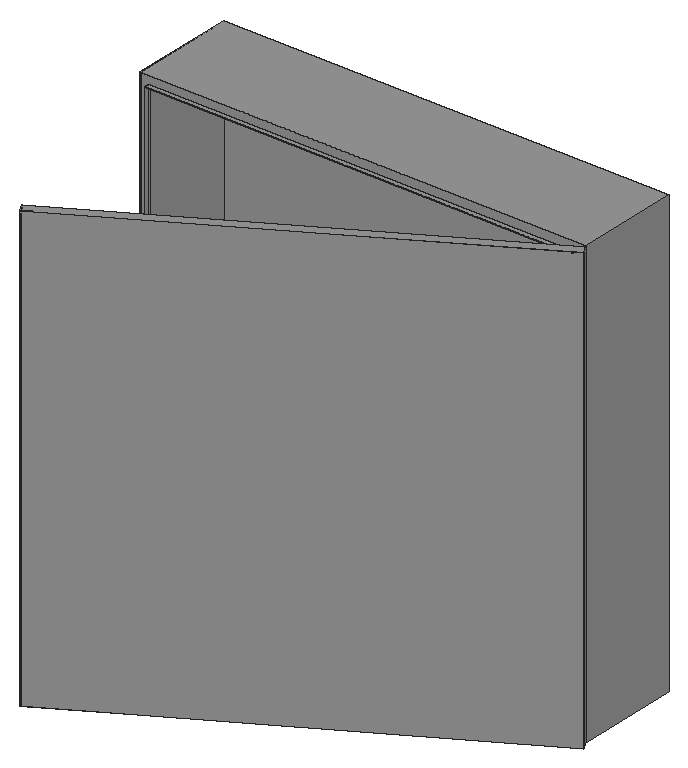
Revit family "Hager-Univers-IP44-D205-H800-Cl.I-encl-NoHosted-DE-de", category Equipement électrique, Revit 2020
Family settings
  Configuration du panneau = Deux colonnes, circuits au sein
  Cote de connecteur circulaire = Utiliser le diamètre
  Type d'élément = Tableau de raccordement
  Basée sur le plan de construction = Oui
  Toujours verticalement = Oui
  Couper avec des vides une fois chargée = Non
  Partagée = Non
  Point de calcul de pièce = Non
Parameters (values of type "Aufputz IP44 B800 H800 T205  - FP53TN2")
  Width Control [instance] = if([EF000008 - Breite] > Min Width, [EF000008 - Breite], Min Width)  # 800 mm
  Commentaires du type = [HG000003 - Bereich]  # "Univers"
  Thickness Door [instance] = if([EF009171 - Materialstärke Tür/Deckel] > 3 mm, 3 mm, [EF009171 - Materialstärke Tür/Deckel])  # 1 mm
  Seal Frame Offset [instance] = 17 mm  # constant formula
  Plinth Visibility [instance] = [HG000027 - Sockelhöhe] > 0 mm  # no
  Min Width [instance] = 100 mm  # constant formula
  Min Depth [instance] = (2 * [EF009170 - Materialstärke Gehäuse]) + 1 mm  # 3 mm
  Min Height [instance] = 100 mm  # constant formula
  Internal Frame Depth [instance] = (Door System Depth * 0.5)  # 9 mm
  Panel Name [instance] = ""  # (empty or 0)
  Model = ""
  HG000027 - Sockelhöhe = 0 mm
  HG000026 - Stehend auf dem Boden = no
  HG000024 - Höhe des unteren Teils = 600 mm
  HG000023 - Gehäuse mit doppeltem Querschnitt = no
  HG000016 - 3D-Türsichtbarkeit [instance] = yes
  HG000015 - Sichtbarkeit der Türöffnung [instance] = no
  HG000014 - Tür rechts [instance] = yes
  HG000013 - Tür links [instance] = not([HG000014 - Tür rechts])  # no
  HG000012 - Türschwenkwinkel [instance] = 30.00°
  HG000010 - Asymmetrische Türen = no
  HG000009 - Doppelflügeligen Tür = no
  HG000006 - Unterputz = no
  HG000004 - Herstellerreferenz = "FP53TN2"
  HG000003 - Bereich = "Univers"
  HG000002 - Mit tür = yes
  Frame Offset Bottom [instance] = 10 mm  # constant formula
  Frame Offset [instance] = 15 mm  # constant formula
  EF015940 - Deckel mit Überdruckentlastung = no
  EF011959 - Schutzart (NEMA) = ""
  EF009554 - Anzahl der Öffnungen für Flanschplatten = 6
  EF009212 - Ausführung Deckel = "EV000116 - geschlossen"
  EF009171 - Materialstärke Tür/Deckel = 1 mm
  EF009170 - Materialstärke Gehäuse = 1 mm
  EF008873 - Nennstrom (In) = 250 A
  EF007800 - Geeignet für Blitzschutz = no
  EF006306 - Mit Schloss = no
  EF006244 - Transparenter Deckel/Tür = no
  EF005474 - Schutzart (IP) = "EV006418 - IP44"
  EF004464 - Art der Tür = "EV002646 - Einzel"
  EF004427 - Anzahl der Module = 180
  EF004293 - Schlagfestigkeit = "EV006815 - IK09"
  EF003532 - Geeignet für Außengebrauch = no
  EF002950 - Breite in Teilungseinheiten = 36
  EF001613 - Funktionserhalt = "EV000494 - ohne"
  EF001596 - Werkstoff des Gehäuses = "EV000179 - Stahl"
  EF001131 - Innentiefe = 205 mm
  EF001088 - Anbaumöglichkeit = yes
  EF000437 - Anzahl der Leitungseinführungen = 6
  EF000339 - Art der Abdeckung = "EV001012 - Deckel"
  EF000266 - Anzahl der Reihen = 5
  EF000218 - Einbautiefe = 205 mm
  EF000118 - Mit Montageplatte = no
  EF000116 - RAL-Nummer = "9010"
  EF000049 - Tiefe = 205 mm
  EF000040 - Höhe = 800 mm
  EF000008 - Breite = 800 mm
  EF000007 - Farbe = "EV000202 - weiß"
  EF000003 - Montageart = "EV000384 - Aufputz"
  Door System Leaf Tolerance [instance] = 1.5 mm  # constant formula
  Door System Depth [instance] = 18 mm  # constant formula
  Door Height [instance] = Height Control - [HG000027 - Sockelhöhe]  # 800 mm
  Description = ""
  Default Elevation = 1219.2 mm
  Connector Offset [instance] = Height Control / 2  # 400 mm
  Fabricant = "Hager"  # constant formula
  Height Control [instance] = if([EF000040 - Höhe] > Min Height, [EF000040 - Höhe], Min Height)  # 800 mm
  Depth Control [instance] = if([EF000049 - Tiefe] > Min Depth, [EF000049 - Tiefe], Min Depth)  # 205 mm
  Bottom Top Plate Trim [instance] = 1.5 mm  # constant formula
  Plinth height Ctrl [instance] = if([HG000027 - Sockelhöhe] > 0 mm, [HG000027 - Sockelhöhe], 12 mm)  # 12 mm
Types (10, lengths in mm): name | Width Control | HG000010 - Asymmetrische Türen | HG000009 - Doppelflügeligen Tür | HG000004 - Herstellerreferenz | EF009554 - Anzahl der Öffnungen für Flanschplatten | EF004464 - Art der Tür | EF004427 - Anzahl der Module | EF002950 - Breite in Teilungseinheiten | EF000437 - Anzahl der Leitungseinführungen | EF000008 - Breite
  Aufputz IP44 B1050 H800 T205  - FP54TN2 | 1050 | no | yes | "FP54TN2" | 8 | "EV003602 - Doppel" | 240 | 48 | 8 | 1050
  Aufputz IP44 B1300 H800 T205  - FP55TN | 1300 | no | no | "FP55TN" | 10 | "EV003602 - Doppel" | 300 | 60 | 10 | 1300
  Aufputz IP44 B1300 H800 T205  - FP55TN2 | 1300 | yes | yes | "FP55TN2" | 10 | "EV003602 - Doppel" | 300 | 60 | 10 | 1300
  Aufputz IP44 B300 H800 T205  - FP51TN | 300 | no | no | "FP51TN" | 2 | "EV002646 - Einzel" | 60 | 12 | 2 | 300
  Aufputz IP44 B300 H800 T205  - FP51TN2 | 300 | no | no | "FP51TN2" | 2 | "EV002646 - Einzel" | 60 | 12 | 2 | 300
  Aufputz IP44 B300 H800 T205  - FP51TW | 300 | no | no | "FP51TW" | 2 | "EV002646 - Einzel" | 60 | 12 | 2 | 300
  Aufputz IP44 B550 H800 T205  - FP52TN | 550 | no | no | "FP52TN" | 4 | "EV002646 - Einzel" | 120 | 24 | 4 | 550
  Aufputz IP44 B550 H800 T205  - FP52TN2 | 550 | no | no | "FP52TN2" | 4 | "EV002646 - Einzel" | 120 | 24 | 4 | 550
  Aufputz IP44 B800 H800 T205  - FP53TN | 800 | no | no | "FP53TN" | 6 | "EV002646 - Einzel" | 180 | 36 | 6 | 800
  Aufputz IP44 B800 H800 T205  - FP53TN2 | 800 | no | no | "FP53TN2" | 6 | "EV002646 - Einzel" | 180 | 36 | 6 | 800
Reference planes
  plane 1 "Center (Front/Back)": y = 0
  plane 2: z = 0
  plane 3 "Center (Left/Right)": x = 0
  plane 4: y = 0
  plane 5: y = 0
  plane 6: z = 0
  plane 7: x = -400
  plane 8: x = 400
  plane 9: x = 399
  plane 10: x = -399
  plane 11: z = 0
  plane 12: z = 1
  plane 13: y = -205
  plane 14: y = -1
  plane 15: x = 0
  plane 16: y = -187
  plane 17: y = -204
  plane 18: y = -186
  plane 19: x = -384
  plane 20: x = 384
  plane 21: z = 11
  plane 22: x = -383
  plane 23: x = 383
  plane 24: z = 0
  plane 25: z = 800
  plane 26: z = 800
  plane 27: z = 784
  plane 28: z = 799
Forms (mm)
  Extrusion 1, solid, material "Hager_Steel_RAL7035_Light_Grey", detail levels medium+fine
    sketch origin (-208.679, -4572, 0) x (-1, 0, 0) y (0, -1, 0)
      loop
        line (191.321, -4385) -> (-608.679, -4385) -> (-608.679, -4572) -> (191.321, -4572) -> (191.321, -4385)
    from 0 to 800
  Extrusion 2, void
    sketch origin (-350.771, -205, 1219.2) x (1, 0, 0) y (0, 0, 1)
      loop
        line (-48.229, -420.2) -> (-48.229, -1218.2) -> (749.771, -1218.2) -> (749.771, -420.2) -> (-48.229, -420.2)
    from -19 to -204
  Extrusion 3, void
    sketch origin (-290.084, -187, 1219.2) x (1, 0, 0) y (0, 0, 1)
      loop
        line (-93.916, -1208.2) -> (674.084, -1208.2) -> (674.084, -435.2) -> (-93.916, -435.2) -> (-93.916, -1208.2)
    from 0 to -1
  Extrusion 4, solid, material "Hager_Steel_RAL7035_Light_Grey", visible <- "Plinth Visibility", detail levels medium+fine
    sketch origin (0, 0, 0) x (1, 0, 0) y (0, 1, 0)
      loop
        line (-400, 0) -> (-400, -187) -> (400, -187) -> (400, 0) -> (-400, 0)
    from 0 to 12 <- "Plinth height Ctrl"
  Extrusion 5, solid, material "Hager_Steel_RAL7035_Light_Grey", detail levels coarse
    sketch origin (0, 0, 0) x (1, 0, 0) y (0, 1, 0)
      loop
        line (-400, 0) -> (-400, -205) -> (400, -205) -> (400, 0) -> (-400, 0)
    from 0 to 800 <- "Height Control"
  Sweep 6, void
    path in 3D
      loop
        line (-400, -187, 12) -> (400, -187, 12) -> (400, 0, 12) -> (-400, 0, 12) -> (-400, -187, 12)
    profile origin (-400, -93.5, 12) x (1, 0, 0) y (0, 0, 1)
      loop
        line (0, 0) -> (0, -1.5) -> (1.5, -1.5)
        arc (1.5, -1.5) -> (1.061, -0.439) -> (0, 0) r 1.5
  Extrusion 7, solid, material "Hager_Steel_RAL7035_Light_Grey", detail levels fine
    sketch origin (-400, -187, 0) x (1, 0, 0) y (0, 0, 1)
      loop
        line (16, 11) -> (784, 11) -> (784, 784) -> (16, 784) -> (16, 11)
      loop
        line (15, 10) -> (785, 10) -> (785, 785) -> (15, 785) -> (15, 10)
    from 0 to 9 <- "Internal Frame Depth"
Cuts and joins
  Extrusion 2, Extrusion 3 cuts Extrusion 1
  Sweep 6 cuts Extrusion 4
Lines and regions (mm)
  Masking region 1
    outline origin (0, 0, 0) x (1, 0, 0) y (0, 1, 0)
      loop
        line (-400, 0) -> (-400, -205) -> (400, -205) -> (400, 0) -> (-400, 0)
  Masking region 2, detail levels coarse
    outline origin (-290.084, -187, 1219.2) x (-1, 0, 0) y (0, 0, 1)
      loop
        line (-690.084, -1219.2) -> (109.916, -1219.2) -> (109.916, -419.2) -> (-690.084, -419.2) -> (-690.084, -1219.2)
  Masking region 3, detail levels coarse
    outline origin (0, 0, 0) x (0, 1, 0) y (0, 0, 1)
      loop
        line (0, 0) -> (0, 800) -> (-205, 800) -> (-205, 0) -> (0, 0)
  Masking region 4, visible <- "Plinth Visibility", detail levels medium+fine
    outline origin (0, 0, 0) x (0, 1, 0) y (0, 0, 1)
      loop
        line (-1.5, 12) -> (-185.5, 12)
        arc (-185.5, 12) -> (-185.939, 10.939) -> (-187, 10.5) r 1.5
        line (-187, 10.5) -> (-187, 0) -> (0, 0) -> (0, 10.5)
        arc (0, 10.5) -> (-1.061, 10.939) -> (-1.5, 12) r 1.5
  Masking region 5, detail levels medium+fine
    outline origin (0, 0, 594.038) x (0, 1, 0) y (0, 0, 1)
      loop
        line (0, -594.038) -> (0, 205.962) -> (-187, 205.962) -> (-187, -594.038) -> (0, -594.038)
  Masking region 6, detail levels medium+fine
    outline origin (-359.7, -187, 1211.883) x (-1, 0, 0) y (0, 0, 1)
      loop
        line (-759.7, -1211.883) -> (40.3, -1211.883) -> (40.3, -411.883) -> (-759.7, -411.883) -> (-759.7, -1211.883)
  Masking region 7, visible <- "Plinth Visibility", detail levels medium+fine
    outline origin (-320.334, -187, 1041.368) x (-1, 0, 0) y (0, 0, 1)
      loop
        line (-720.334, -1041.368) -> (79.666, -1041.368) -> (79.666, -1030.868)
        arc (79.666, -1030.868) -> (78.606, -1030.429) -> (78.166, -1029.368) r 1.5
        line (78.166, -1029.368) -> (-718.834, -1029.368)
        arc (-718.834, -1029.368) -> (-719.273, -1030.429) -> (-720.334, -1030.868) r 1.5
        line (-720.334, -1030.868) -> (-720.334, -1041.368)
  sketch lines
    curve 1: line (-400, 0, 12) -> (-400, -187, 12)
    curve 2: line (-400, -187, 12) -> (400, -187, 12)
    curve 3: line (400, 0, 12) -> (-400, 0, 12)
    curve 4: line (400, -187, 12) -> (400, 0, 12)
Dimensions and locks
  locked: plane 1 "Center (Front/Back)" to plane 5
  "EF009170 - Materialstärke Gehäuse": plane 7 to plane 10
  "EF009170 - Materialstärke Gehäuse": plane 8 to plane 9
  equal spacing: plane 7, plane 3 "Center (Left/Right)", plane 8
  "Width Control": plane 7 to plane 8
  "Depth Control": plane 4 to plane 13
  "EF009170 - Materialstärke Gehäuse": plane 4 to plane 14
  "Height Control": plane 25 to level
  "HG000027 - Sockelhöhe": plane 11 to level
  "EF009170 - Materialstärke Gehäuse": plane 12 to plane 11
  "EF009170 - Materialstärke Gehäuse": plane 17 to plane 13
  "EF009170 - Materialstärke Gehäuse": plane 18 to plane 16
  "Frame Offset Bottom": plane 21 to plane 12
  "Frame Offset": plane 10 to plane 19
  "Frame Offset": plane 9 to plane 20
  "Door System Depth": plane 16 to plane 13
  "Seal Frame Offset": plane 7 to plane 22
  "Seal Frame Offset": plane 8 to plane 23
  "EF009170 - Materialstärke Gehäuse": plane 26 to plane 28
  "Frame Offset": plane 28 to plane 27
  "Connector Offset": plane 2 to connector elem
  "Bottom Top Plate Trim": profile plane to Sweep 6 sketch curve
  "Bottom Top Plate Trim": Sweep 6 sketch curve to Sweep 6 sketch curve
  "Plinth height Ctrl": Masking region 4 sketch curve to level
  "Plinth height Ctrl": Masking region 7 sketch curve to level
  "Thickness Door": Extrusion 7 sketch curve to Extrusion 7 sketch curve  (x4)
  "Bottom Top Plate Trim": radius of Sweep 6 sketch curve
  "Bottom Top Plate Trim": radius of Masking region 4 sketch curve  (x2)
  "Bottom Top Plate Trim": radius of Masking region 7 sketch curve  (x2)
  aligned and locked: Extrusion 2 sketch curve to plane 12
  aligned and locked: Extrusion 2 sketch curve to plane 9
  aligned and locked: Extrusion 2 sketch curve to plane 10
  aligned and locked: Extrusion 2 to plane 14
  aligned and locked: Extrusion 1 sketch curve to plane 4
  aligned and locked: plane 8 to Extrusion 1 sketch curve
  aligned and locked: plane 7 to Extrusion 1 sketch curve
  aligned and locked: Extrusion 2 to plane 18
  aligned and locked: Extrusion 3 sketch curve to plane 19
  aligned and locked: plane 20 to Extrusion 3 sketch curve
  aligned and locked: Extrusion 3 to Extrusion 2
  aligned and locked: Extrusion 3 sketch curve to plane 21
  aligned and locked: plane 3 "Center (Left/Right)" to nested 1
  aligned and locked: Extrusion 1 sketch curve to plane 16
  aligned and locked: Extrusion 4 sketch curve to cut or joined group of Extrusion 1, Extrusion 2, Extrusion 3
  aligned and locked: Masking region 1 sketch curve to plane 7
  aligned and locked: Masking region 1 sketch curve to plane 5
  aligned and locked: Masking region 1 sketch curve to plane 8
  aligned and locked: Masking region 2 sketch curve to level
  aligned and locked: level to Masking region 3 sketch curve
  aligned and locked: plane 1 "Center (Front/Back)" to Masking region 3 sketch curve
  aligned and locked: plane 13 to Masking region 3 sketch curve
  aligned and locked: plane 5 to Masking region 4 sketch curve
  aligned and locked: Masking region 2 sketch curve to plane 8
  aligned and locked: Masking region 2 sketch curve to plane 7
  aligned and locked: plane 7 to nested 2
  aligned and locked: nested 2 to plane 5
  aligned and locked: plane 5 to Masking region 5 sketch curve
  aligned and locked: plane 26 to Masking region 5 sketch curve
  aligned and locked: Extrusion 5 sketch curve to plane 8
  aligned and locked: Extrusion 5 sketch curve to plane 7
  aligned and locked: Extrusion 5 sketch curve to plane 5
  aligned and locked: Extrusion 3 sketch curve to plane 27
  aligned and locked: Extrusion 2 sketch curve to plane 28
  aligned and locked: Masking region 2 to plane 25
  aligned and locked: Extrusion 4 to plane 16
  aligned and locked: profile plane to Sweep 6 sketch curve
  aligned and locked: Masking region 5 sketch curve to plane 24
  aligned and locked: level to Masking region 4 sketch curve
  aligned and locked: Masking region 1 to plane 13
  aligned and locked: nested 1 to plane 16
  aligned and locked: Masking region 3 to plane 25
  aligned and locked: plane 16 to Masking region 4 sketch curve
  aligned and locked: Masking region 5 sketch curve to plane 16
  aligned and locked: plane 24 to plane 11
  aligned and locked: plane 26 to plane 25
  aligned and locked: plane 26 to cut or joined group of Extrusion 1, Extrusion 2, Extrusion 3
  aligned and locked: nested 1 to plane 24
  aligned and locked: Extrusion 1 to Extrusion 3
  aligned and locked: Masking region 6 sketch curve to plane 8
  aligned and locked: Masking region 6 sketch curve to plane 24
  aligned and locked: Masking region 6 sketch curve to plane 7
  aligned and locked: Masking region 6 sketch curve to plane 26
  aligned and locked: Masking region 7 sketch curve to plane 7
  aligned and locked: level to Masking region 7 sketch curve
  aligned and locked: Masking region 7 sketch curve to plane 8
  aligned and locked: Extrusion 7 sketch curve to cut or joined group of Extrusion 1, Extrusion 2, Extrusion 3  (x4)
Automatic sketch dimensions
  plane 19 to Extrusion 3 sketch curve = 0 mm
  Extrusion 3 sketch curve to plane 20 = 0 mm
  Extrusion 3 sketch curve to plane 21 = 0 mm
  Extrusion 4 sketch curve to plane 7 = 0 mm
  Extrusion 4 sketch curve to plane 8 = 0 mm
  Extrusion 4 sketch curve to plane 16 = 0 mm
  Masking region 1 sketch curve to plane 13 = 0 mm
  Masking region 2 sketch curve to plane 25 = 0 mm
  Masking region 3 sketch curve to plane 25 = 0 mm
  Extrusion 5 sketch curve to plane 13 = 0 mm
  profile plane to Sweep 6 sketch curve = 0 mm
Nested families
  nested 1: "EC000058_Univers_Door" at (0, -187, 0), Double <- "HG000009 - Doppelflügeligen Tür", Transparent <- "EF006244 - Transparenter Deckel/Tür", Angle <- "HG000012 - Türschwenkwinkel", Door_Right <- "HG000014 - Tür rechts", Assymetrical <- "HG000010 - Asymmetrische Türen", Door <- "HG000002 - Mit tür", Width_Ctrl <- "Width Control", 3d_Door <- "HG000016 - 3D-Türsichtbarkeit", Clearance <- "HG000015 - Sichtbarkeit der Türöffnung", Door_Left <- "HG000013 - Tür links", Width <- "Width Control", Door_Depth <- "Door System Depth", Leaf_Tolerance <- "Door System Leaf Tolerance", Height <- "Door Height", Lock_Visibility <- "EF006306 - Mit Schloss", Thickness <- "Thickness Door", type "EC000058_Univers_Door", detail levels medium+fine
    with min_wh 3 mm, Width_Ctrl 800 mm, Width 800 mm, Transparent no, Thickness 1 mm, Seal_Material Hager_Rubber, Lock_Visibility no, Lock_Material Hager_Plastic_RAL9005_Jet_Black, Leaf_Width 800 mm, Leaf_Tolerance_External_Sides 0 mm, Leaf_Tolerance 1.5 mm, Leaf_Offset 0 mm, Leaf_Height 797 mm, Leaf_2_Width 800 mm, Leaf_2_Offset 400 mm, Leaf_1_Width 800 mm, Leaf_1_Offset 400 mm, Height_Ctrl 800 mm, Height 800 mm, Glass_Material Hager_Glass, Double_Clearance_Ctrl no, Double no, Door_Right_Ctrl yes, Door_Right yes, Door_Material Hager_Steel_RAL7035_Light_Grey, Door_Left_Ctrl no, Door_Left no, Door_Depth 18 mm, Door yes, Clearance_Material Hager_Clearance, Clearance_Depth 800 mm, Clearance_Ctrl no, Clearance no, Assymetrical no, Angle 30.00°, 3d_Door yes
  nested 2: "Hager_Enclosure_Symbol" at (-400, 0, 0), Height <- "Depth Control", Width <- "Width Control", type "Hager_Enclosure_Symbol"
    with Width_Ctrl 800 mm, Width 800 mm, Height_Ctrl 205 mm, Height 205 mm, A_Width_Int 13.453 mm, A_Width 161.438 mm, A_Height_Ctrl 179.375 mm, A_Height 179.375 mm
Connectors
  electrical at (0, 0, 400)
    settings: on plane 1 "Center (Front/Back)", index 1, voltage 0 V, apparent load 0 VA, apparent load phase1 0 VA, apparent load phase2 0 VA, apparent load phase3 0 VA, power factor 1, load classification "Other", number of poles 1, system type 30, power factor state 1, is connector primary yes, connector utility no, sub classification motor no, connector description ""
Definition of nested family "EC000058_Univers_Door"
  Parameters (values of type "EC000058_Univers_Door")
    min_wh [instance] = (2 * Thickness) + 1 mm  # 11 mm
    Width_Ctrl [instance] = 400 mm
    Width [instance] = 500 mm
    Transparent [instance] = yes
    Thickness [instance] = 5 mm
    Seal_Material [instance] = none
    Lock_Visibility [instance] = yes
    Lock_Material [instance] = none
    Leaf_Width [instance] = if((Width_Ctrl - 2 * Leaf_Tolerance_External_Sides) > 0 mm, (Width_Ctrl - 2 * Leaf_Tolerance_External_Sides), min_wh)  # 400 mm
    Leaf_Tolerance_External_Sides [instance] = 0 mm  # constant formula
    Leaf_Tolerance [instance] = 1.5 mm
    Leaf_Offset [instance] = 0 mm  # constant formula
    Leaf_Height [instance] = if((Height_Ctrl - 2 * Leaf_Tolerance) > 0 mm, (Height_Ctrl - 2 * Leaf_Tolerance), min_wh)  # 497 mm
    Leaf_2_Width [instance] = if(and(and(Double, Assymetrical), Door_Left), (Leaf_Width / 3) - (Leaf_Tolerance / 2), if(and(and(Double, Assymetrical), Door_Right), (Leaf_Width / 3) * 2 - (Leaf_Tolerance / 2), if(and(Double, not(Assymetrical)), (Leaf_Width / 2) - Leaf_Tolerance, Leaf_Width)))  # 400 mm
    Leaf_2_Offset [instance] = if(and(Double, Assymetrical), Leaf_2_Width / 2, if(and(Double, not(Assymetrical)), Leaf_Width / 4, Leaf_Width / 2))  # 200 mm
    Leaf_1_Width [instance] = if(and(and(Double, Assymetrical), Door_Right), (Leaf_Width / 3) - (Leaf_Tolerance / 2), if(and(and(Double, Assymetrical), Door_Left), (Width / 3) * 2 - (Leaf_Tolerance / 2), if(and(Double, not(Assymetrical)), (Leaf_Width / 2) - Leaf_Tolerance, Leaf_Width)))  # 400 mm
    Leaf_1_Offset [instance] = if(and(Double, Assymetrical), Leaf_1_Width / 2, if(and(Double, not(Assymetrical)), Leaf_Width / 4, Leaf_Width / 2))  # 200 mm
    Height_Ctrl [instance] = if(Height > min_wh, Height, min_wh)  # 500 mm
    Height [instance] = 500 mm
    Glass_Material [instance] = none
    Double_Clearance_Ctrl [instance] = and(Double, Clearance)  # no
    Double [instance] = no
    Door_Right_Ctrl [instance] = and(or(Door_Right, Double), Door)  # yes
    Door_Right [instance] = yes
    Door_Material [instance] = none
    Door_Left_Ctrl [instance] = and(or(Door_Left, Double), Door)  # no
    Door_Left [instance] = no
    Door_Depth [instance] = 30 mm
    Door [instance] = yes
    Default Elevation = 1219.2 mm
    Clearance_Material [instance] = none
    Clearance_Depth [instance] = if(Leaf_1_Width > Leaf_2_Width, Leaf_1_Width, Leaf_2_Width)  # 400 mm
    Clearance_Ctrl [instance] = and(not(Double), Clearance)  # yes
    Clearance [instance] = yes
    Assymetrical [instance] = yes
    Angle [instance] = 30.00°
    3d_Door [instance] = yes
  Reference planes
    plane 1 "Center (Front/Back)": y = 0
    plane 2 "Bottom": z = 0
    plane 3 "Center (Left/Right)": x = 0
    plane 4: z = 500
    plane 5: x = -200
    plane 6: x = 200
    plane 7: z = 500
    plane 8: x = -200
    plane 9: z = 0
    plane 10: x = 200
    plane 11: y = 0
    plane 12: z = 1.5
    plane 13: x = -600
    plane 14: y = -400
    plane 15: x = 600
    plane 16: x = 0
    plane 17: x = 0
    plane 18: x = -200
    plane 19: x = 200
    plane 20: z = 498.5
  Forms (mm)
    Extrusion 1, solid, material <- "Clearance_Material", visible <- "Double_Clearance_Ctrl"
      sketch origin (1200, 0, 0) x (1, 0, 0) y (0, 0, -1)
        loop
          line (-1800, -498.5) -> (-600, -498.5) -> (-600, 0) -> (-1800, 0) -> (-1800, -498.5)
      from 0 to -400
  Dimensions and locks
    equal spacing: plane 5, plane 3 "Center (Left/Right)", plane 6
    "Width_Ctrl": plane 5 to plane 6
    "Leaf_Offset": plane 5 to plane 8
    "Leaf_Offset": plane 6 to plane 10
    "Leaf_Offset": plane 9 to level
    "Leaf_Offset": plane 4 to plane 7
    "Height_Ctrl": plane 4 to level
    "Leaf_Tolerance": plane 12 to plane 9
    locked: plane 11 to plane 1 "Center (Front/Back)"
    "Leaf_1_Offset": plane 18 to plane 16
    "Leaf_2_Offset": plane 17 to plane 19
    "Leaf_1_Width": plane 13 to plane 8
    "Leaf_2_Width": plane 10 to plane 15
    "Clearance_Depth": plane 14 to plane 1 "Center (Front/Back)"
    "Leaf_Tolerance_External_Sides": plane 8 to plane 18
    "Leaf_Tolerance_External_Sides": plane 19 to plane 10
    "Leaf_Tolerance": plane 7 to plane 20
    aligned and locked: level to plane 2 "Bottom"
    aligned and locked: nested 1 to plane 16
    aligned and locked: nested 2 to plane 17
    aligned and locked: Extrusion 1 to plane 13
    aligned and locked: plane 15 to Extrusion 1
    aligned and locked: Extrusion 1 to plane 14
    aligned and locked: plane 12 to nested 1
    aligned and locked: nested 2 to plane 12
    aligned and locked: Extrusion 1 to plane 11
    aligned and locked: plane 20 to Extrusion 1
    aligned and locked: nested 2 to plane 11
    aligned and locked: nested 1 to plane 11
  Automatic sketch dimensions
    Extrusion 1 sketch curve to level = 0 mm
    plane 5 to Extrusion 1 sketch curve = 400 mm
    plane 6 to Extrusion 1 sketch curve = 400 mm
    Extrusion 1 sketch curve to plane 4 = 1.5 mm
  Nested families
    nested 1: "EC000058_Univers_Door_Leaf" at (0, 0, 1.5), Width <- "Leaf_1_Width", visible <- "Door_Left_Ctrl", Leaf_Height <- "Leaf_Height", Angle <- "Angle", 3d_Door <- "3d_Door", Transparent <- "Transparent", Clearance Material <- "Clearance_Material", Clearance <- "Clearance_Ctrl", Door_Material <- "Door_Material", Glass_Material <- "Glass_Material", Door_Depth <- "Door_Depth", Lock_Material <- "Lock_Material", Seal_Material <- "Seal_Material", Lock_Visibility <- "Lock_Visibility", Thickness <- "Thickness", type "EC000058_Univers_Door_Leaf"
      with Width 400 mm, Transparent_Glass_Offset 30 mm, Transparent_Ctrl yes, Transparent yes, Thickness 5 mm, Standard no, Seal_Material none, Seal_D2 8 mm, Seal_D1 1 mm, Offset_Internal_Frame 10 mm, Lock_Width 20 mm, Lock_Visibility_3d yes, Lock_Visibility yes, Lock_Thickness_3 3 mm, Lock_Thickness_2 1 mm, Lock_Thickness_1 3 mm, Lock_Radius_Offset_2 16 mm, Lock_Radius_Offset_1 15 mm, Lock_Radius_2 5 mm, Lock_Radius 6 mm, Lock_Offset 5 mm, Lock_Material none, Lock_Height 80 mm, Lock_Cover_Top_Offset_2d 17 mm, Lock_Cover_Height -65 mm, Leaf_Height 497 mm, Internal_Seal_Thickness 8 mm, Internal_Seal_Depth_2 4.5 mm, Internal_Frame_Depth 25 mm, Glass_Thickness -1 mm, Glass_Offset -2 mm, Glass_Material none, Door_Material none, Door_Depth 30 mm, Clearance Material none, Clearance yes, Angle_Ctrl 30.00°, Angle 30.00°, 3d_Door yes
    nested 2: "EC000058_Univers_Door_Leaf" at (0, 0, 1.5) x (-1, 0, 0) z (0, 0, 1), Width <- "Leaf_2_Width", visible <- "Door_Right_Ctrl", Leaf_Height <- "Leaf_Height", Angle <- "Angle", 3d_Door <- "3d_Door", Transparent <- "Transparent", Clearance Material <- "Clearance_Material", Clearance <- "Clearance_Ctrl", Door_Material <- "Door_Material", Glass_Material <- "Glass_Material", Door_Depth <- "Door_Depth", Lock_Material <- "Lock_Material", Seal_Material <- "Seal_Material", Lock_Visibility <- "Lock_Visibility", Thickness <- "Thickness", type "EC000058_Univers_Door_Leaf"
      with Width 400 mm, Transparent_Glass_Offset 30 mm, Transparent_Ctrl yes, Transparent yes, Thickness 5 mm, Standard no, Seal_Material none, Seal_D2 8 mm, Seal_D1 1 mm, Offset_Internal_Frame 10 mm, Lock_Width 20 mm, Lock_Visibility_3d yes, Lock_Visibility yes, Lock_Thickness_3 3 mm, Lock_Thickness_2 1 mm, Lock_Thickness_1 3 mm, Lock_Radius_Offset_2 16 mm, Lock_Radius_Offset_1 15 mm, Lock_Radius_2 5 mm, Lock_Radius 6 mm, Lock_Offset 5 mm, Lock_Material none, Lock_Height 80 mm, Lock_Cover_Top_Offset_2d 17 mm, Lock_Cover_Height -65 mm, Leaf_Height 497 mm, Internal_Seal_Thickness 8 mm, Internal_Seal_Depth_2 4.5 mm, Internal_Frame_Depth 25 mm, Glass_Thickness -1 mm, Glass_Offset -2 mm, Glass_Material none, Door_Material none, Door_Depth 30 mm, Clearance Material none, Clearance yes, Angle_Ctrl 30.00°, Angle 30.00°, 3d_Door yes
  Definition of nested family "EC000058_Univers_Door_Leaf"
    Parameters (values of type "EC000058_Univers_Door_Leaf")
      Width [instance] = 2000 mm
      Transparent_Glass_Offset [instance] = 30 mm
      Transparent_Ctrl [instance] = and(Transparent, [3d_Door])  # yes
      Transparent [instance] = yes
      Thickness [instance] = 5 mm
      Standard [instance] = and(not(Transparent), [3d_Door])  # no
      Seal_Material [instance] = none
      Seal_D2 [instance] = 8 mm  # constant formula
      Seal_D1 [instance] = 1 mm  # constant formula
      Offset_Internal_Frame [instance] = 10 mm  # constant formula
      Lock_Width [instance] = 20 mm  # constant formula
      Lock_Visibility_3d [instance] = and(Lock_Visibility, [3d_Door])  # yes
      Lock_Visibility [instance] = yes
      Lock_Thickness_3 [instance] = 3 mm  # constant formula
      Lock_Thickness_2 [instance] = 1 mm  # constant formula
      Lock_Thickness_1 [instance] = 3 mm  # constant formula
      Lock_Radius_Offset_2 [instance] = Lock_Radius_Offset_1 + 1 mm  # 16 mm
      Lock_Radius_Offset_1 [instance] = 15 mm  # constant formula
      Lock_Radius_2 [instance] = Lock_Radius - 1 mm  # 5 mm
      Lock_Radius [instance] = 6 mm  # constant formula
      Lock_Offset [instance] = 5 mm  # constant formula
      Lock_Material [instance] = none
      Lock_Height [instance] = 80 mm  # constant formula
      Lock_Cover_Top_Offset_2d [instance] = Lock_Radius_Offset_2 + 1 mm  # 17 mm
      Lock_Cover_Height [instance] = -(Lock_Height - Lock_Radius_Offset_1)  # -65 mm
      Leaf_Height [instance] = 2720.336 mm
      Internal_Seal_Thickness [instance] = 8 mm  # constant formula
      Internal_Seal_Depth_2 [instance] = 4.5 mm  # constant formula
      Internal_Frame_Depth [instance] = if(Door_Depth - Thickness > 5 mm, Door_Depth - Thickness, 5 mm)  # 25 mm
      Glass_Thickness [instance] = if(Thickness > 15 mm, Glass_Offset + 10 mm, -1 mm)  # -1 mm
      Glass_Offset [instance] = if(Thickness > 15 mm, -(Thickness + 10 mm) / 2, -2 mm)  # -2 mm
      Glass_Material [instance] = none
      Door_Material [instance] = none
      Door_Depth [instance] = 30 mm
      Default Elevation = 0 mm
      Clearance Material [instance] = none
      Clearance [instance] = yes
      Angle_Ctrl [instance] = if(Angle > 180.00°, 180.00°, Angle)  # 90.00°
      Angle [instance] = 90.00°
      3d_Door [instance] = yes
    Reference planes
      plane 1 "Center (Front/Back)": y = 0
      plane 2: z = 0
      plane 3 "Center (Left/Right)": x = 0
      plane 4: y = 2000
      plane 5: x = -1000
      plane 6: x = 1000
      plane 7: x = -3000
      plane 8: z = 2720.336
      plane 9: z = 30
      plane 10: z = 2690.336
      plane 11: x = 970
      plane 12: x = -970
      plane 13: y = -3
      plane 14: z = 107.833
      plane 15: y = -5
      plane 16: y = -223.314
      plane 17: x = -1000
      plane 18: z = 1360.168
      plane 19: y = 30
    Forms (mm)
      Extrusion 1, solid, material <- "Clearance Material", visible <- "Clearance"
        sketch origin (0, 0, 0) x (1, 0, 0) y (0, 0, 1)
          loop
            line (-3000, 2720.336) -> (-3000, 0) -> (1000, 0) -> (1000, 2720.336) -> (-3000, 2720.336)
        from 0 to -2000
      Extrusion 2, solid, material <- "Door_Material", visible <- "Standard", detail levels medium+fine
        sketch origin (-1000, 0, 0) x (0, 1, 0) y (-1, 0, 0)
          loop
            line (0, 30) -> (0, 25) -> (2000, 25) -> (2000, 30) -> (0, 30)
        from 0 to 2720.336 <- "Leaf_Height"
      Extrusion 3, solid, material <- "Door_Material", visible <- "Transparent_Ctrl", detail levels medium+fine
        sketch origin (-1000, 0, 0) x (0, 1, 0) y (-1, 0, 0)
          loop
            line (0, 25) -> (2000, 25) -> (2000, 30) -> (0, 30) -> (0, 25)
        from 0 to 2720.336 <- "Leaf_Height"
      Extrusion 4, void
        sketch origin (-1025, 2000, 0) x (0, 1, 0) y (0, 0, -1)
          loop
            line (-30, -2690.336) -> (-30, -30) -> (-1970, -30) -> (-1970, -2690.336) -> (-30, -2690.336)
        from 0 to 5 <- "Thickness"
      Sweep 5, solid, material <- "Seal_Material", visible <- "Transparent_Ctrl", detail levels fine
        path in 3D
          loop
            line (-1025, 30, 30) -> (-1025, 30, 2690.336) -> (-1025, 1970, 2690.336) -> (-1025, 1970, 30) -> (-1025, 30, 30)
        profile origin (-1025, 1000, 30) x (1, 0, 0) y (0, 0, 1)
          loop
            line (0, 0) -> (0, -8) -> (1, -8) -> (1, 0) -> (0, 0)
      Extrusion 6, solid, material <- "Glass_Material", visible <- "Transparent_Ctrl", detail levels medium+fine
        sketch origin (-1030, 0, 0) x (0, 1, 0) y (0, 0, -1)
          loop
            line (1970, -2690.336) -> (1970, -30) -> (30, -30) -> (30, -2690.336) -> (1970, -2690.336)
        from -2 <- "Glass_Offset" to -1 <- "Glass_Thickness"
      Extrusion 7, solid, material <- "Door_Material", visible <- "3d_Door", detail levels medium+fine
        sketch origin (-1025, 2000, 0) x (0, -1, 0) y (0, 0, -1)
          loop
            line (0, -2720.336) -> (2000, -2720.336) -> (2000, 0) -> (0, 0) -> (0, -2720.336)
          loop
            line (1995, -5) -> (5, -5) -> (5, -2715.336) -> (1995, -2715.336) -> (1995, -5)
        from 0 to 25 <- "Internal_Frame_Depth"
      Sweep 8, solid, material <- "Seal_Material", visible <- "Transparent_Ctrl", detail levels fine
        path in 3D
          loop
            line (-1025, 0, 0) -> (-1025, 2000, 0) -> (-1025, 2000, 2720.336) -> (-1025, 0, 2720.336) -> (-1025, 0, 0)
        profile origin (-1025, 0, 1360.168) x (1, 0, 0) y (0, 1, 0)
          loop
            line (0, 10) -> (2.975, 10)
            arc (2.975, 10) -> (4.053, 10.447) -> (4.5, 11.525) r 1.525
            line (4.5, 11.525) -> (4.5, 16.527)
            arc (4.5, 16.527) -> (4.069, 17.569) -> (3.027, 18) r 1.473
            line (3.027, 18) -> (0, 18) -> (0, 10)
      Extrusion 9, solid, material <- "Lock_Material", visible <- "Lock_Visibility_3d", detail levels fine
        sketch origin (-1030, 0, 0) x (0, 1, 0) y (0, 0, -1)
          loop
            arc (1993.5, -1400.168) -> (1994.561, -1399.729) -> (1995, -1398.668) r 1.5
            line (1995, -1398.668) -> (1995, -1320.168) -> (1975, -1320.168) -> (1975, -1398.668)
            arc (1975, -1398.668) -> (1975.439, -1399.729) -> (1976.5, -1400.168) r 1.5
            line (1976.5, -1400.168) -> (1993.5, -1400.168)
        from 3 <- "Lock_Thickness_1" to 0
      Blend 10, solid, material <- "Lock_Material", visible <- "Lock_Visibility_3d", detail levels fine
        base sketch origin (-1033, 0, 0) x (0, 1, 0) y (0, 0, -1)
          loop
            line (1975, -1320.168) -> (1975, -1398.668)
            arc (1975, -1398.668) -> (1975.439, -1399.729) -> (1976.5, -1400.168) r 1.5
            line (1976.5, -1400.168) -> (1993.5, -1400.168)
            arc (1993.5, -1400.168) -> (1994.561, -1399.729) -> (1995, -1398.668) r 1.5
            line (1995, -1398.668) -> (1995, -1320.168) -> (1975, -1320.168)
        top sketch origin (-1033, 0, 0) x (0, 1, 0) y (0, 0, -1)
          loop
            line (1976, -1320.168) -> (1976, -1398.668)
            arc (1976, -1398.668) -> (1976.146, -1399.022) -> (1976.5, -1399.168) r 0.5
            line (1976.5, -1399.168) -> (1993.5, -1399.168)
            arc (1993.5, -1399.168) -> (1993.854, -1399.022) -> (1994, -1398.668) r 0.5
            line (1994, -1398.668) -> (1994, -1320.168) -> (1976, -1320.168)
        from 0 to 1 <- "Lock_Thickness_2"
      Blend 11, solid, material <- "Lock_Material", visible <- "Lock_Visibility_3d", detail levels fine
        base sketch origin (-1034, 0, 0) x (0, 1, 0) y (0, 0, -1)
          loop
            line (1978, -1320.168) -> (1978, -1384.168)
            arc (1978, -1384.168) -> (1985, -1391.168) -> (1992, -1384.168) r 7
            line (1992, -1384.168) -> (1992, -1320.168) -> (1978, -1320.168)
        top sketch origin (-1034, 0, 0) x (0, 1, 0) y (0, 0, -1)
          loop
            line (1991, -1320.168) -> (1979, -1320.168) -> (1979, -1383.168)
            arc (1979, -1383.168) -> (1985, -1389.168) -> (1991, -1383.168) r 6
            line (1991, -1383.168) -> (1991, -1320.168)
        from 0 to 3 <- "Lock_Thickness_3"
      Extrusion 12, solid, material <- "Lock_Material", visible <- "Lock_Visibility_3d", detail levels fine
        sketch origin (-1030, 1975, 1320.168) x (1, 0, 0) y (0, -1, 0)
          loop
            line (-7, -19) -> (-7, -1) -> (0, -1) -> (0, 0) -> (-8, 0) -> (-8, -20) -> (0, -20) -> (0, -19) -> (-7, -19)
        from 0 to -65 <- "Lock_Cover_Height"
      Extrusion 13, void
        sketch origin (-1038, 1995, 1320.168) x (-1, 0, 0) y (0, 0, -1)
          loop
            line (-5, -65) -> (0, -65) -> (-5, -60) -> (-5, -65)
        from 0 to 20 <- "Lock_Width"
      Extrusion 14, void
        sketch origin (-1038, 1975, 1320.168) x (0, -1, 0) y (0, 0, -1)
          loop
            circle (-10, -15.995) r 6
          loop
            circle (-10, -15.995) r 5
        from 0 to 2
      Extrusion 15, solid, material <- "Lock_Material", visible <- "Lock_Visibility_3d", detail levels medium
        sketch origin (-1030, 0, 0) x (0, 1, 0) y (0, 0, -1)
          loop
            arc (1993.5, -1400.168) -> (1994.561, -1399.729) -> (1995, -1398.668) r 1.5
            line (1995, -1398.668) -> (1995, -1320.168) -> (1975, -1320.168) -> (1975, -1398.668)
            arc (1975, -1398.668) -> (1975.439, -1399.729) -> (1976.5, -1400.168) r 1.5
            line (1976.5, -1400.168) -> (1993.5, -1400.168)
        from 8 to 0
    Cuts and joins
      Extrusion 4 cuts Extrusion 3
      Extrusion 13, Extrusion 14 cuts Extrusion 9
      Extrusion 14 cuts Blend 11
      Extrusion 13, Extrusion 14 cuts Extrusion 12
      joined: Extrusion 9, Blend 10, Blend 11, Extrusion 12
      Extrusion 14 cuts Extrusion 15
    Lines and regions (mm)
      Masking region 1, visible <- "Lock_Visibility", detail levels fine
        outline origin (0, 0, 0) x (0, 1, 0) y (0, 0, 1)
          loop
            line (30, 1320.168) -> (33, 1320.168) -> (33, 1400.168) -> (30, 1400.168) -> (30, 1320.168)
      Masking region 2, visible <- "Lock_Visibility", detail levels fine
        outline origin (0, 3.143, 0) x (0, 1, 0) y (0, 0, 1)
          loop
            line (29.857, 1354.168) -> (30.857, 1354.168) -> (30.857, 1366.168) -> (29.857, 1366.168) -> (29.857, 1354.168)
      Masking region 3, detail levels medium+fine
        outline origin (0, 0, 0) x (0, 1, 0) y (0, 0, 1)
          loop
            line (0, 0) -> (30, 0) -> (30, 2720.336) -> (0, 2720.336) -> (0, 0)
      Masking region 4, detail levels medium+fine
        outline origin (0, 0, 0) x (1, 0, 0) y (0, 0, 1)
          loop
            line (-1000, 2720.336) -> (-1000, 0) -> (1000, 0) -> (1000, 2720.336) -> (-1000, 2720.336)
      Masking region 5, visible <- "Lock_Visibility", detail levels fine
        outline origin (-47.116, 0, 0) x (1, 0, 0) y (0, 0, 1)
          loop
            arc (1024.616, 1399.168) -> (1023.556, 1398.729) -> (1023.116, 1397.668) r 1.5
            line (1023.116, 1397.668) -> (1023.116, 1320.168) -> (1041.116, 1320.168) -> (1041.116, 1397.668)
            arc (1041.116, 1397.668) -> (1040.677, 1398.729) -> (1039.616, 1399.168) r 1.5
            line (1039.616, 1399.168) -> (1024.616, 1399.168)
      Masking region 6, visible <- "Lock_Visibility", detail levels medium+fine
        outline origin (-25, 0, 0) x (1, 0, 0) y (0, 0, 1)
          loop
            arc (1001.5, 1400.168) -> (1000.439, 1399.729) -> (1000, 1398.668) r 1.5
            line (1000, 1398.668) -> (1000, 1320.168) -> (1020, 1320.168) -> (1020, 1398.668)
            arc (1020, 1398.668) -> (1019.561, 1399.729) -> (1018.5, 1400.168) r 1.5
            line (1018.5, 1400.168) -> (1001.5, 1400.168)
      Masking region 7, visible <- "Lock_Visibility", detail levels fine
        outline origin (-73.735, 0, 0) x (1, 0, 0) y (0, 0, 1)
          loop
            line (1051.735, 1382.168) -> (1065.735, 1382.168) -> (1065.735, 1384.168)
            arc (1065.735, 1384.168) -> (1058.735, 1391.168) -> (1051.735, 1384.168) r 7
            line (1051.735, 1384.168) -> (1051.735, 1382.168)
      Masking region 8, visible <- "Lock_Visibility", detail levels fine
        outline origin (-73.735, 0, 0) x (1, 0, 0) y (0, 0, 1)
          loop
            line (1052.735, 1382.168) -> (1064.735, 1382.168) -> (1064.735, 1383.168)
            arc (1064.735, 1383.168) -> (1058.735, 1389.168) -> (1052.735, 1383.168) r 6
            line (1052.735, 1383.168) -> (1052.735, 1382.168)
      Masking region 9, visible <- "Lock_Visibility", detail levels fine
        outline origin (-25, 0, 0) x (1, 0, 0) y (0, 0, 1)
          loop
            line (1020, 1320.168) -> (1020, 1382.168) -> (1000, 1382.168) -> (1000, 1320.168) -> (1020, 1320.168)
      Masking region 10, detail levels medium+fine
        outline origin (0, 0, 0) x (1, 0, 0) y (0, 0, 1)
          loop
            circle (985, 1335.144) r 6
      Masking region 11, detail levels fine
        outline origin (0, 0, 0) x (1, 0, 0) y (0, 0, 1)
          loop
            circle (985, 1335.144) r 5
      Masking region 12, visible <- "Lock_Visibility", detail levels fine
        outline origin (0, 12.767, 0) x (0, 1, 0) y (0, 0, 1)
          loop
            line (20.233, 1320.168) -> (21.233, 1320.168) -> (21.233, 1399.168) -> (20.233, 1400.168) -> (20.233, 1320.168)
      Masking region 13, visible <- "Lock_Visibility", detail levels fine
        outline origin (0, 13.767, -10) x (0, 1, 0) y (0, 0, 1)
          loop
            line (20.233, 1330.168) -> (23.233, 1330.168) -> (23.233, 1399.168) -> (20.233, 1402.168) -> (20.233, 1330.168)
      Masking region 14, visible <- "Lock_Visibility", detail levels fine
        outline origin (0, 12.767, -10) x (0, 1, 0) y (0, 0, 1)
          loop
            line (20.233, 1330.168) -> (25.233, 1330.168) -> (25.233, 1399.305) -> (20.233, 1394.305) -> (20.233, 1330.168)
      Masking region 15, visible <- "Lock_Visibility", detail levels medium
        outline origin (0, 0, 0) x (0, 1, 0) y (0, 0, 1)
          loop
            line (30, 1320.168) -> (38, 1320.168) -> (38, 1400.168) -> (30, 1400.168) -> (30, 1320.168)
      Masking region 16, visible <- "Lock_Visibility", detail levels fine
        outline origin (-1000, 0, 0) x (0, 1, 0) y (-1, 0, 0)
          loop
            line (1975, 30) -> (1995, 30) -> (1995, 38) -> (1975, 38) -> (1975, 30)
          loop
            line (1979, 37) -> (1976, 37) -> (1976, 34) -> (1978, 34) -> (1979, 37)
          loop
            line (1994, 37) -> (1991, 37) -> (1992, 34) -> (1994, 34) -> (1994, 37)
      Masking region 17, visible <- "Lock_Visibility", detail levels medium
        outline origin (-1000, 0, 0) x (0, 1, 0) y (-1, 0, 0)
          loop
            line (1975, 30) -> (1995, 30) -> (1995, 38) -> (1975, 38) -> (1975, 30)
      symbolic lines
        curve 1: line (1000, 0, 0) -> (-3000, 0, 0)
        curve 2: arc (1000, 0, 0) -> (-1000, 2000, 0) -> (-3000, 0, 0) r 2000
        curve 4: line (-1030, 0, 0) -> (-1030, 2000, 0)
      reference lines
        curve 3: line (-1000, 0, 0) -> (-1000, 2000, 0)
      symbolic lines, detail levels medium+fine
        curve 5: line (-1030, 2000, 0) -> (-1025, 2000, 0)
        curve 7: line (-1025, 0, 0) -> (-1030, 0, 0)
        curve 8: line (-1025, 0, 0) -> (-1000, 0, 0)
        curve 9: line (-1000, 0, 0) -> (-1000, 2000, 0)
        curve 10: line (-1000, 2000, 0) -> (-1025, 2000, 0)
      symbolic lines, detail levels fine
        curve 6: line (-1025, 2000, 0) -> (-1025, 0, 0)
      sketch lines
        curve 11: line (-1025, 0, 2720.336) -> (-1025, 0, 0)
        curve 12: line (-1025, 2000, 0) -> (-1025, 0, 0)
        curve 13: line (-1025, 2000, 2720.336) -> (-1025, 2000, 0)
        curve 14: line (-1025, 0, 2720.336) -> (-1025, 2000, 2720.336)
        curve 15: line (-1025, 1970, 30) -> (-1025, 30, 30)
        curve 16: line (-1025, 30, 30) -> (-1025, 30, 2690.336)
        curve 17: line (-1025, 1970, 2690.336) -> (-1025, 1970, 30)
        curve 18: line (-1025, 30, 2690.336) -> (-1025, 1970, 2690.336)
      symbolic lines, visible <- "Transparent", detail levels medium+fine
        curve 19: line (-970, 0, 2690.336) -> (970, 0, 2690.336)
        curve 20: line (-970, 0, 30) -> (-970, 0, 2690.336)
        curve 21: line (970, 0, 30) -> (-970, 0, 30)
        curve 22: line (970, 0, 2690.336) -> (970, 0, 30)
    Dimensions and locks
      "Width": plane 1 "Center (Front/Back)" to plane 4
      equal spacing: plane 5, plane 3 "Center (Left/Right)", plane 6
      "Width": plane 5 to plane 6
      "Width": plane 7 to plane 5
      "Leaf_Height": plane 8 to level
      "Width": curve 5 to curve 3
      "Width": curve 3 to curve 3
      plane 8 to plane 10 = 30 mm
      plane 9 to level = 30 mm
      plane 12 to plane 5 = 30 mm
      plane 6 to plane 11 = 30 mm
      Extrusion 1 to Extrusion 4 sketch curve = 30 mm
      "Transparent_Glass_Offset": curve 3 to Extrusion 4 sketch curve
      "Transparent_Glass_Offset": Extrusion 4 sketch curve to cut or joined group of Extrusion 3, Extrusion 4  (x2)
      cut or joined group of Extrusion 3, Extrusion 4 to Extrusion 6 sketch curve = 30 mm
      "Transparent_Glass_Offset": cut or joined group of Extrusion 3, Extrusion 4 to Extrusion 4 sketch curve
      "Thickness": curve 6 to curve 4
      "Thickness": Extrusion 7 sketch curve to Extrusion 7 sketch curve  (x4)
      "Door_Depth": curve 4 to curve 3
      "Offset_Internal_Frame": profile plane to Sweep 8 sketch curve
      "Internal_Seal_Thickness": Sweep 8 sketch curve to Sweep 8 sketch curve
      "Internal_Seal_Depth_2": profile plane to Sweep 8 sketch curve
      "Seal_D1": profile plane to Sweep 5 sketch curve
      "Seal_D2": profile plane to Sweep 5 sketch curve
      "Thickness": Extrusion 2 sketch curve to Extrusion 2 sketch curve
      equal spacing: Extrusion 9 sketch curve, plane 18, Extrusion 9 sketch curve  (x2)
      equal spacing: Masking region 1 sketch curve, plane 18, Masking region 1 sketch curve
      "Lock_Height": Masking region 1 sketch curve to Masking region 1 sketch curve
      "Lock_Radius": Masking region 2 sketch curve to plane 18 to Masking region 2 sketch curve
      Masking region 2 sketch curve to Masking region 1 = 1 mm
      "Door_Depth": plane 19 to plane 1 "Center (Front/Back)"
      "Lock_Thickness_1": Masking region 1 sketch curve to plane 19
      "Lock_Width": Extrusion 9 sketch curve to Extrusion 9 sketch curve
      "Lock_Height": Extrusion 9 sketch curve to Extrusion 9 sketch curve
      "Lock_Offset": cut or joined group of Extrusion 3, Extrusion 4 to Extrusion 9 sketch curve
      equal spacing: plane 8, plane 18, level
      "Lock_Radius_Offset_1": Blend 11 sketch curve to Blend 10
      locked: Blend 10 to Blend 11 sketch curve at 2  (x2)
      locked: var sketch to Blend 11 sketch curve at 1  (x2)
      "Lock_Radius_Offset_2": Blend 11 sketch curve to Blend 10
      locked: Extrusion 12 sketch curve to Extrusion 12 sketch curve at 1  (x3)
      Masking region 6 sketch curve to Masking region 6 sketch curve = 80 mm
      "Lock_Height": Masking region 6 sketch curve to Masking region 6 sketch curve
      "Lock_Width": Masking region 6 sketch curve to Masking region 6 sketch curve
      locked: Masking region 6 to Masking region 5 sketch curve at 1  (x3)
      locked: Masking region 5 to Masking region 7 sketch curve at 2  (x2)
      "Lock_Radius_Offset_1": Masking region 5 to Masking region 7 sketch curve
      "Lock_Radius_Offset_2": Masking region 5 to Masking region 8 sketch curve
      locked: Masking region 7 to Masking region 8 sketch curve at 1  (x2)
      "Lock_Cover_Top_Offset_2d": Masking region 5 to Masking region 9 sketch curve
      equal spacing: Masking region 9, Masking region 10 sketch curve, Masking region 9
      equal spacing: Masking region 9, Masking region 11 sketch curve, Masking region 9
      Extrusion 15 sketch curve to Extrusion 15 sketch curve = 80 mm
      "Lock_Width": Extrusion 15 sketch curve to Extrusion 15 sketch curve
      "Lock_Height": Extrusion 15 sketch curve to Extrusion 15 sketch curve
      equal spacing: Extrusion 15 sketch curve, plane 18, Extrusion 15 sketch curve
      "Lock_Thickness_3": Masking region 13 sketch curve to Masking region 13 sketch curve
      "Lock_Height": Masking region 12 sketch curve to Masking region 12 sketch curve
      locked: Masking region 13 sketch curve to Masking region 1 at 8
      locked: Masking region 14 sketch curve to Masking region 13 at 1
      locked: Masking region 14 sketch curve to Masking region 1 at 10.863
      "Lock_Height": Masking region 15 sketch curve to Masking region 15 sketch curve
      "Lock_Offset": Extrusion 15 sketch curve to cut or joined group of Extrusion 3, Extrusion 4
      "Lock_Offset": plane 6 to Masking region 6 sketch curve
      radius of Sweep 8 sketch curve = 1.525 mm
      radius of Sweep 8 sketch curve = 1.473 mm
      radius of Extrusion 9 sketch curve = 1.5 mm  (x2)
      "Lock_Radius": radius of Extrusion 14 sketch curve
      "Lock_Radius_2": radius of Extrusion 14 sketch curve
      "Lock_Radius": radius of Masking region 10 sketch curve
      "Lock_Radius_2": radius of Masking region 11 sketch curve
      radius of Extrusion 15 sketch curve = 1.5 mm  (x2)
      "Angle_Ctrl": angle plane 1 "Center (Front/Back)" to curve 3
      locked: Masking region 12 sketch curve to Masking region 12 sketch curve (angle 45.00°)
      locked: Masking region 13 sketch curve to Masking region 13 sketch curve (angle 45.00°)
      locked: Masking region 14 sketch curve to Masking region 14 sketch curve (angle 45.00°)
      aligned and locked: level to plane 2
      aligned and locked: Extrusion 1 to curve 1
      aligned and locked: plane 6 to Extrusion 1
      aligned and locked: Extrusion 1 to plane 1 "Center (Front/Back)"
      aligned and locked: plane 4 to Extrusion 1
      aligned and locked: plane 8 to Extrusion 1
      aligned and locked: curve 7 to Extrusion 2 sketch curve
      aligned and locked: curve 5 to Extrusion 2 sketch curve
      aligned and locked: curve 7 to Extrusion 3 sketch curve
      aligned and locked: Extrusion 3 sketch curve to curve 4
      aligned and locked: Extrusion 3 sketch curve to curve 6
      aligned and locked: Extrusion 3 sketch curve to curve 5
      aligned and locked: curve 9 to curve 3
      aligned and locked: Extrusion 7 sketch curve to cut or joined group of Extrusion 3, Extrusion 4  (x4)
      aligned and locked: plane 17 to curve 3
      aligned and locked: plane 1 "Center (Front/Back)" to curve 3
      aligned and locked: plane 17 to plane 5
      aligned and locked: Sweep 8 sketch curve to profile plane
      aligned and locked: Sweep 5 sketch curve to profile plane  (x2)
      aligned and locked: Masking region 1 to Masking region 2 sketch curve
      aligned and locked: plane 19 to Masking region 1 sketch curve
      aligned and locked: plane 1 "Center (Front/Back)" to Masking region 3 sketch curve
      aligned and locked: plane 19 to Masking region 3 sketch curve
      aligned and locked: level to Masking region 3 sketch curve
      aligned and locked: Masking region 3 sketch curve to plane 8
      aligned and locked: plane 17 to Masking region 4 sketch curve
      aligned and locked: level to Masking region 4 sketch curve
      aligned and locked: Masking region 4 sketch curve to plane 8
      aligned and locked: plane 12 to curve 20
      aligned and locked: plane 10 to curve 19
      aligned and locked: plane 11 to curve 22
      aligned and locked: curve 21 to plane 9
      aligned and locked: Extrusion 2 sketch curve to cut or joined group of Extrusion 3, Extrusion 4
      aligned and locked: Blend 10 sketch curve to Extrusion 9  (x4)
      aligned and locked: Extrusion 9 to Blend 10 sketch curve
      aligned and locked: Blend 10 to Blend 11 sketch curve
      aligned and locked: Extrusion 12 sketch curve to Blend 11
      aligned and locked: Extrusion 12 sketch curve to Extrusion 9  (x4)
      aligned and locked: Masking region 5 sketch curve to Masking region 6
      aligned and locked: Masking region 9 sketch curve to Masking region 6  (x3)
      aligned and locked: Masking region 12 sketch curve to Masking region 1
      aligned and locked: Masking region 13 sketch curve to Masking region 1
      aligned and locked: Masking region 12 to Masking region 14
      aligned and locked: Masking region 14 sketch curve to Masking region 1
      aligned and locked: Masking region 15 sketch curve to Masking region 14
      aligned and locked: Masking region 13 sketch curve to Masking region 12
      aligned and locked: Masking region 16 sketch curve to cut or joined group of Extrusion 14, Extrusion 15  (x4)
      aligned and locked: Masking region 16 sketch curve to cut or joined group of Extrusion 9, Blend 10, Blend 11, Extrusion 12, Extrusion 13, Extrusion 14  (x6)
      aligned and locked: cut or joined group of Extrusion 9, Blend 10, Blend 11, Extrusion 12, Extrusion 13, Extrusion 14 to Masking region 16 sketch curve
      aligned and locked: Masking region 17 sketch curve to cut or joined group of Extrusion 14, Extrusion 15  (x3)
      aligned and locked: Masking region 17 sketch curve to cut or joined group of Extrusion 9, Blend 10, Blend 11, Extrusion 12, Extrusion 13, Extrusion 14
      aligned and locked: Masking region 9 to Masking region 8 sketch curve
      aligned and locked: Masking region 9 to Masking region 7 sketch curve
    Automatic sketch dimensions
      plane 1 "Center (Front/Back)" to curve 2 = 0 mm
      curve 2 to plane 5 = 0 mm
      Extrusion 1 sketch curve to level = 0 mm
      Extrusion 1 sketch curve to plane 7 = 0 mm
      Extrusion 1 sketch curve to plane 6 = 0 mm
      Extrusion 1 sketch curve to plane 8 = 0 mm
      Extrusion 3 to Extrusion 6 sketch curve = 30 mm  (x4)
      Masking region 4 sketch curve to plane 6 = 0 mm
      Blend 10 sketch curve to Extrusion 9 = 1.5 mm
      Blend 10 sketch curve to Extrusion 9 = 1 mm
      Extrusion 13 sketch curve to Extrusion 12 = 0 mm  (x2)
      Extrusion 12 to Extrusion 13 sketch curve = 3 mm
      Extrusion 13 sketch curve to Extrusion 12 = 5 mm
      Extrusion 14 sketch curve to Extrusion 14 sketch curve = 0 mm  (x2)
      Extrusion 14 sketch curve to Extrusion 12 = 10 mm
      Extrusion 14 sketch curve to Extrusion 12 = 15.995 mm
      Masking region 5 sketch curve to Masking region 5 sketch curve = 1.5 mm  (x2)
      Masking region 10 sketch curve to plane 18 = 25.024 mm
      Masking region 11 sketch curve to plane 18 = 25.024 mm
      plane 19 to Masking region 14 sketch curve = 3 mm
      Masking region 16 sketch curve to Masking region 16 sketch curve = 3 mm
      curve 4 to curve 3 = 0 mm
      Blend 10 to Blend 11 sketch curve = 0 mm
      Masking region 6 sketch curve to Masking region 6 sketch curve = 1.5 mm  (x2)
      Masking region 6 sketch curve to plane 18 = 40 mm
      plane 19 to Masking region 12 sketch curve = 3 mm
      Masking region 12 sketch curve to Masking region 12 sketch curve = 1 mm
      Masking region 15 sketch curve to plane 19 = 0 mm
      Masking region 15 sketch curve to plane 18 = 40 mm
      radius of Blend 10 sketch curve to Extrusion 9 = 1 mm
Definition of nested family "Hager_Enclosure_Symbol"
  Parameters (values of type "Hager_Enclosure_Symbol")
    Width_Ctrl [instance] = if(Width > 1 mm, Width, 1 mm)  # 102.27 mm
    Width [instance] = 102.27 mm
    Height_Ctrl [instance] = if(Height > 1 mm, Height, 1 mm)  # 66.5 mm
    A_Width_Int [instance] = if(A_Width / 12 > 2 mm, A_Width / 12, 2 mm)  # 4.364 mm
    A_Width [instance] = if(A_Height_Ctrl * 0.9 > 2 mm, A_Height_Ctrl * 0.9, 2 mm)  # 52.369 mm
    A_Height_Ctrl [instance] = if(A_Height > 2 mm, A_Height, 2 mm)  # 58.188 mm
    Height [instance] = 66.5 mm
    A_Height [instance] = Height - (Height / 8)  # 58.188 mm
  Reference planes
    plane 1 "Centre (avant/arrière)": y = 0
    plane 2: z = 0
    plane 3 "Centre (gauche/droite)": x = 0
    plane 4: x = 52.369
    plane 5: y = 33.042
    plane 6: y = 41.77
    plane 7: y = 66.5
    plane 8: x = 26.184
    plane 9: y = 37.406
    plane 10: x = 102.27
    plane 11: y = 66.5
    plane 12: y = 8.313
  Lines and regions (mm)
    Filled region 1, type "Solid_Black", in view "Niveau de réf."
      outline origin (0, 0, 0) x (1, 0, 0) y (0, 1, 0)
        loop
          line (52.369, 66.5) -> (33.188, 54.536) -> (45.365, 45.006) -> (52.369, 66.5)
    Filled region 2, type "Solid_Black", in view "Niveau de réf."
      outline origin (0, 0, 0) x (1, 0, 0) y (0, 1, 0)
        loop
          line (0, 0) -> (102.27, 0) -> (102.27, 66.5) -> (0, 0)
    detail lines, in view "Niveau de réf."
      curve 1: line (0, 8.313, 0) -> (26.184, 41.77, 0)
      curve 2: line (26.184, 41.77, 0) -> (26.184, 33.042, 0)
      curve 3: line (26.184, 33.042, 0) -> (52.369, 66.5, 0)
  Dimensions and locks
    "A_Width": plane 3 "Centre (gauche/droite)" to plane 4
    equal spacing: plane 3 "Centre (gauche/droite)", plane 8, plane 4
    equal spacing: plane 6, plane 9, plane 5
    equal spacing: curve 3, Filled region 1 sketch curve, Filled region 1 sketch curve
    "Height_Ctrl": plane 1 "Centre (avant/arrière)" to plane 11
    "A_Height_Ctrl": plane 11 to plane 12
    equal spacing: plane 11, plane 9, plane 12
    "A_Width_Int": plane 6 to plane 9
    "Width_Ctrl": plane 3 "Centre (gauche/droite)" to plane 10
    angle Filled region 1 sketch curve to curve 3 = 20.00°
    angle curve 3 to Filled region 1 sketch curve = 20.00°
    locked: curve 3 to Filled region 1 sketch curve (angle 90.00°)
    aligned and locked: plane 10 to Filled region 2
    aligned and locked: plane 11 to Filled region 2 sketch curve
    aligned and locked: plane 10 to Filled region 2 sketch curve
    aligned and locked: plane 3 "Centre (gauche/droite)" to curve 1
    aligned and locked: plane 12 to curve 1
    aligned and locked: plane 7 to plane 11
  Automatic sketch dimensions
    Filled region 1 sketch curve to plane 4 = 0 mm
    Filled region 1 sketch curve to plane 7 = 0 mm
    plane 1 "Centre (avant/arrière)" to Filled region 2 sketch curve = 0 mm
    Filled region 2 sketch curve to plane 3 "Centre (gauche/droite)" = 0 mm
    curve 2 to plane 6 = 0 mm
    curve 2 to plane 8 = 0 mm
    curve 3 to plane 4 = 0 mm
    curve 2 to plane 5 = 0 mm
    curve 3 to plane 7 = 0 mm
